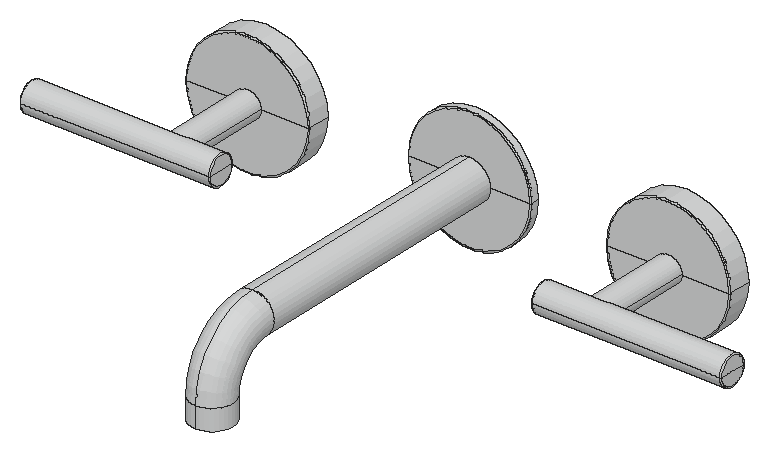
Revit family "TapSet_Wall_Nero_Mecca_BasinBath_160", category Plumbing Fixtures, Revit 2022
Family settings
  Round Connector Dimension = Use Diameter
  Part Type = Normal
  OmniClass Number = 23.31.11.19
  OmniClass Title = Faucet Mixing Valves
  Work Plane-Based = No
  Always vertical = Yes
  Cut with Voids When Loaded = Yes
  Maintain Annotation Orientation = No
  Shared = No
  Room Calculation Point = No
Parameters (values of type "Chrome (25D006CH)")
  Waste Connection = no
  WFU = 0
  Vent Connection = no
  Uniclass2015Version = "Products v1.35"
  Uniclass2015Title = "Taps and water supply outlet fittings"
  Uniclass2015Code = "Pr_40_20_87"
  URL = "https://nerotapware.com.au/"
  Type Comments = "Tap Set - Wall - Basin Bath - 160 - Chrome"
  ModifiedIssue = 20251009
  Model = "25D006CH"
  Material = Metal_Chrome_Nero
  ManufacturerURLProductSpecific = ""
  ManufacturerSpecCode = Model  # "25D006CH"
  ManufacturerOverallWidth = 340 mm  # constant formula
  ManufacturerOverallHeight = 65 mm  # constant formula
  ManufacturerOverallDepth = 170 mm  # constant formula
  Manufacturer = "Nero"
  IfcExportType = "MIXING"
  IfcExportAs = "IfcValve"
  HWFU = 0
  HW Connection = yes
  Description = "Mecca Wall Basin/Bath Set 160mm Spout Chrome"
  Default Elevation = 1050 mm
  CreatedByURL = "https://igsgroup.com.au"
  CreatedBy = "IGS BIM Solutions"  # constant formula
  CWFU = 0
  CW Connection = yes
  Assembly Code = "D2010"
Types (7, lengths in mm): name | Type Comments | Model | Material | ManufacturerSpecCode | Description
  Chrome (25D006CH) | "Tap Set - Wall - Basin Bath - 160 - Chrome" | "25D006CH" | Metal_Chrome_Nero | "25D006CH" | "Mecca Wall Basin/Bath Set 160mm Spout Chrome"
  Matte Black (25D006MB) | "Tap Set - Wall - Basin Bath - 160 - Matte Black" | "25D006MB" | Metal_MatteBlack_Nero | "25D006MB" | "Mecca Wall Basin/Bath Set 160mm Spout Matte Black"
  Brushed Nickel (25D006BN) | "Tap Set - Wall - Basin Bath - 160 - Brushed Nickel" | "25D006BN" | Metal_Nickel_Nero_Brushed | "25D006BN" | "Mecca Wall Basin/Bath Set 160mm Spout Brushed Nickel"
  Gun Metal (25D006GM) | "Tap Set - Wall - Basin Bath - 160 - Gun Metal" | "25D006GM" | Metal_GunMetal_Nero | "25D006GM" | "Mecca Wall Basin/Bath Set 160mm Spout Gun Metal"
  Brushed Gold (25D006BG) | "Tap Set - Wall - Basin Bath - 160 - Brushed Gold" | "25D006BG" | Metal_Gold_Nero_Brushed | "25D006BG" | "Mecca Wall Basin/Bath Set 160mm Spout Brushed Gold"
  Brushed Bronze (25D006BZ) | "Tap Set - Wall - Basin Bath - 160 - Brushed Bronze" | "25D006BZ" | Metal_Bronze_Nero_Brushed | "25D006BZ" | "Mecca Wall Basin/Bath Set 160mm Spout Brushed Bronze"
  Matte White (25D006MW) | "Tap Set - Wall - Basin Bath - 160 - Matte White" | "25D006MW" | Metal_MatteWhite_Nero | "25D006MW" | "Mecca Wall Basin/Bath Set 160mm Spout Matte White"
Reference planes
  plane 1 "Bottom": z = -35.114
  plane 2 "Center (Left/Right)": x = 0.115
  plane 3 "SpoutCenter (Top/Bottom)": z = 0
  plane 4 "Top": z = 29.886
  plane 5 "Right": x = 170.115
  plane 6 "Left": x = -169.885
  plane 7 "Front": y = -99.038
  plane 8 "Back": y = 70.962
Forms (mm)
  Extrusion 1, solid, material "Metal_Chrome_Nero" <- "Material"
    sketch origin (636.296, 70.962, -1185) x (1, 0, 0) y (0, 0, 1)
      loop
        circle (-534.181, 1185) r 6.35
      loop
        circle (-738.181, 1185) r 6.35
    from 0 to -1
  Extrusion 2, void
    sketch origin (636.296, 70.962, -1185) x (1, 0, 0) y (0, 0, 1)
      loop
        circle (-738.181, 1185) r 15
      loop
        circle (-534.181, 1185) r 15
    from 0 to -30
  Revolve 3, solid, material "Metal_Chrome_Nero" <- "Material"
    sketch origin (-129.77, 0, 0) x (1, 0, 0) y (0, 1, 0)
      loop
        line (99.999, 70.962) -> (99.999, 67.462)
        arc (99.999, 67.462) -> (100.145, 67.109) -> (100.499, 66.962) r 0.5
        line (100.499, 66.962) -> (129.885, 66.962) -> (129.885, 70.962) -> (99.999, 70.962)
      axis (129.885, 66.962) -> (129.885, 70.962)
    angle from 0 to 360
  Revolve 4, solid, material "Metal_Chrome_Nero" <- "Material"
    sketch origin (28, 0, 0) x (1, 0, 0) y (0, 1, 0)
      loop
        line (-99.885, 70.962) -> (-129.885, 70.962) -> (-129.885, 13.962) -> (-123.385, 13.962) -> (-123.385, 59.962) -> (-100.385, 59.962)
        arc (-100.385, 59.962) -> (-100.031, 60.109) -> (-99.885, 60.462) r 0.5
        line (-99.885, 60.462) -> (-99.885, 70.962)
      axis (-129.885, 13.962) -> (-129.885, 70.962)
    angle from 0 to 360
  Revolve 5, solid, material "Metal_Chrome_Nero" <- "Material"
    sketch origin (28, 0, 0) x (1, 0, 0) y (0, 1, 0)
      loop
        line (-105.885, 13.962) -> (-105.885, 20.462)
        arc (-105.885, 20.462) -> (-106.031, 20.816) -> (-106.385, 20.962) r 0.5
        line (-106.385, 20.962) -> (-197.385, 20.962)
        arc (-197.385, 20.962) -> (-197.739, 20.816) -> (-197.885, 20.462) r 0.5
        line (-197.885, 20.462) -> (-197.885, 13.962) -> (-105.885, 13.962)
      axis (-105.885, 13.962) -> (-197.885, 13.962)
    angle from 0 to 360
  Sweep 6, solid, material "Metal_Chrome_Nero" <- "Material"
    path origin (0.115, 74, 47.5) x (0, 1, 0) y (0, 0, 1)
      loop
        line (-3.038, -47.614) -> (-138.038, -47.614)
        arc (-138.038, -47.614) -> (-155.715, -54.936) -> (-163.038, -72.614) r 25
        line (-163.038, -72.614) -> (-163.038, -82.614)
    profile origin (0.115, 3.462, -0.114) x (0, 0, -1) y (1, 0, 0)
      loop
        circle (0, 0) r 10
  Revolve 7, solid, material "Metal_Chrome_Nero" <- "Material"
    sketch origin (-27.77, 0, 0) x (1, 0, 0) y (0, 1, 0)
      loop
        line (99.885, 70.962) -> (99.885, 60.462)
        arc (99.885, 60.462) -> (100.031, 60.109) -> (100.385, 59.962) r 0.5
        line (100.385, 59.962) -> (123.385, 59.962) -> (123.385, 13.962) -> (129.885, 13.962) -> (129.885, 70.962) -> (99.885, 70.962)
      axis (129.885, 13.962) -> (129.885, 70.962)
    angle from 0 to 360
  Revolve 8, solid, material "Metal_Chrome_Nero" <- "Material"
    sketch origin (-27.77, 0, 0) x (1, 0, 0) y (0, 1, 0)
      loop
        line (105.885, 13.962) -> (197.885, 13.962) -> (197.885, 20.462)
        arc (197.885, 20.462) -> (197.739, 20.816) -> (197.385, 20.962) r 0.5
        line (197.385, 20.962) -> (106.385, 20.962)
        arc (106.385, 20.962) -> (106.031, 20.816) -> (105.885, 20.462) r 0.5
        line (105.885, 20.462) -> (105.885, 13.962)
      axis (105.885, 13.962) -> (197.885, 13.962)
    angle from 0 to 360
Cuts and joins
  joined: Revolve 3, Sweep 6
  joined: Revolve 7, Revolve 8
  joined: Revolve 4, Revolve 5
Lines and regions (mm)
  Masking region 1
    outline origin (0, 0, 29.886) x (0, 1, 0) y (-1, 0, 0)
      loop
        line (70.962, 29.77) -> (67.462, 29.77)
        arc (67.462, 29.77) -> (67.109, 29.624) -> (66.962, 29.27) r 0.5
        line (66.962, 29.27) -> (66.962, 9.885) -> (-89.038, 9.885)
        arc (-89.038, 9.885) -> (-99.038, -0.115) -> (-89.038, -10.115) r 10
        line (-89.038, -10.115) -> (66.962, -10.115) -> (66.962, -29.5)
        arc (66.962, -29.5) -> (67.109, -29.853) -> (67.462, -30) r 0.5
        line (67.462, -30) -> (70.962, -30) -> (70.962, 29.77)
      loop
        line (70.962, 131.885) -> (60.462, 131.885)
        arc (60.462, 131.885) -> (60.109, 131.739) -> (59.962, 131.385) r 0.5
        line (59.962, 131.385) -> (59.962, 108.385) -> (20.962, 108.385) -> (20.962, 169.385)
        arc (20.962, 169.385) -> (20.816, 169.739) -> (20.462, 169.885) r 0.5
        line (20.462, 169.885) -> (7.462, 169.885)
        arc (7.462, 169.885) -> (7.109, 169.739) -> (6.962, 169.385) r 0.5
        line (6.962, 169.385) -> (6.962, 78.385)
        arc (6.962, 78.385) -> (7.109, 78.031) -> (7.462, 77.885) r 0.5
        line (7.462, 77.885) -> (20.462, 77.885)
        arc (20.462, 77.885) -> (20.816, 78.031) -> (20.962, 78.385) r 0.5
        line (20.962, 78.385) -> (20.962, 95.385) -> (59.962, 95.385) -> (59.962, 72.385)
        arc (59.962, 72.385) -> (60.109, 72.031) -> (60.462, 71.885) r 0.5
        line (60.462, 71.885) -> (70.962, 71.885) -> (70.962, 131.885)
      loop
        line (70.962, -132.115) -> (70.962, -72.115) -> (60.462, -72.115)
        arc (60.462, -72.115) -> (60.109, -72.261) -> (59.962, -72.615) r 0.5
        line (59.962, -72.615) -> (59.962, -95.615) -> (20.962, -95.615) -> (20.962, -78.615)
        arc (20.962, -78.615) -> (20.816, -78.261) -> (20.462, -78.115) r 0.5
        line (20.462, -78.115) -> (7.462, -78.115)
        arc (7.462, -78.115) -> (7.109, -78.261) -> (6.962, -78.615) r 0.5
        line (6.962, -78.615) -> (6.962, -169.615)
        arc (6.962, -169.615) -> (7.109, -169.969) -> (7.462, -170.115) r 0.5
        line (7.462, -170.115) -> (20.462, -170.115)
        arc (20.462, -170.115) -> (20.816, -169.969) -> (20.962, -169.615) r 0.5
        line (20.962, -169.615) -> (20.962, -108.615) -> (59.962, -108.615) -> (59.962, -131.615)
        arc (59.962, -131.615) -> (60.109, -131.969) -> (60.462, -132.115) r 0.5
        line (60.462, -132.115) -> (70.962, -132.115)
  symbolic lines, style "Taps/Mixers"
    curve 1: arc (10.115, -99.038, 0) -> (0.115, -99.038, 10) -> (-9.885, -99.038, 0) r 10
  symbolic lines, style "Taps/Mixers", detail levels medium+fine
    curve 2: line (-9.885, 66.962, 29.886) -> (10.115, 66.962, 29.886)
    curve 3: line (-108.385, 59.962, 29.886) -> (-95.385, 59.962, 29.886)
    curve 4: line (95.615, 20.962, 29.886) -> (108.615, 20.962, 29.886)
    curve 5: line (108.615, 59.962, 29.886) -> (95.615, 59.962, 29.886)
    curve 6: line (-95.385, 20.962, 29.886) -> (-108.385, 20.962, 29.886)
Text (mm)
  text "Disclaimer:\nDue to ongoing product development and manufacturing evolution, product details are subject to change without notice. Please refer to product technical data sheets on the manufacturers website for the most current product information. Please allow a +/- 5mm manufacturing tolerance for dimensions and set-outs shown in product literature." at (347.32, 148.915, 0), in view "Ref. Level"
Dimensions and locks
  equal spacing: plane 6 "Left", plane 2 "Center (Left/Right)", plane 5 "Right"
  "ManufacturerOverallWidth": plane 6 "Left" to plane 5 "Right"
  "ManufacturerOverallDepth": plane 7 "Front" to plane 8 "Back"
  "ManufacturerOverallHeight": plane 4 "Top" to plane 1 "Bottom"
Automatic sketch dimensions
  curve 1 to level = 0 mm
  curve 1 to plane 2 "Center (Left/Right)" = 0 mm
  curve 1 to curve 1 = 10 mm
  Extrusion 2 sketch curve to level = 0 mm  (x2)
  Extrusion 2 sketch curve to plane 6 "Left" = 68 mm
  Extrusion 2 sketch curve to plane 5 "Right" = 68 mm
  plane 8 "Back" to Revolve 3 sketch curve = 0 mm
  Revolve 3 sketch curve to plane 2 "Center (Left/Right)" = 0 mm  (x2)
  plane 8 "Back" to Revolve 3 sketch curve = 4 mm
  Revolve 3 sketch curve to plane 2 "Center (Left/Right)" = 29.386 mm
  Revolve 3 sketch curve to Revolve 3 sketch curve = 0.5 mm
  Revolve 3 sketch curve to Revolve 3 sketch curve = 14.414 mm
  Revolve 3 sketch curve to Revolve 3 sketch curve = 1.586 mm
  plane 8 "Back" to Revolve 4 sketch curve = 0 mm
  Revolve 4 sketch curve to plane 6 "Left" = 68 mm
  Revolve 4 sketch curve to Revolve 4 sketch curve = 6.5 mm
  plane 8 "Back" to Revolve 4 sketch curve = 10.5 mm
  Revolve 4 sketch curve to Revolve 4 sketch curve = 23 mm
  Revolve 4 sketch curve to Revolve 4 sketch curve = 0.5 mm
  Revolve 4 sketch curve to Revolve 4 sketch curve = 46 mm
  Revolve 4 sketch curve to Revolve 4 sketch curve = 0 mm
  Revolve 4 sketch curve to Revolve 4 sketch curve = 7.414 mm
  Revolve 4 sketch curve to Revolve 4 sketch curve = 1.586 mm
  Revolve 5 sketch curve to plane 6 "Left" = 0 mm
  Revolve 5 sketch curve to Revolve 5 sketch curve = 0.5 mm  (x2)
  Revolve 5 sketch curve to plane 2 "Center (Left/Right)" = 78.5 mm
  plane 8 "Back" to Revolve 5 sketch curve = 57 mm
  Revolve 5 sketch curve to Revolve 5 sketch curve = 6.5 mm
  Revolve 5 sketch curve to Revolve 5 sketch curve = 37.896 mm
  Revolve 5 sketch curve to Revolve 5 sketch curve = 0.115 mm
  Revolve 5 sketch curve to Revolve 5 sketch curve = 0 mm
  Sweep 6 sketch curve to plane 1 "Bottom" = 0 mm
  Sweep 6 sketch curve to plane 8 "Back" = 0 mm
  Sweep 6 sketch curve to level = 0.114 mm
  Sweep 6 sketch curve to plane 7 "Front" = 35 mm
  plane 1 "Bottom" to Sweep 6 sketch curve = 10 mm
  Sweep 6 sketch curve to profile plane = 0 mm  (x2)
  plane 8 "Back" to Revolve 7 sketch curve = 0 mm
  plane 2 "Center (Left/Right)" to Revolve 7 sketch curve = 72 mm
  Revolve 7 sketch curve to Revolve 7 sketch curve = 0.5 mm
  Revolve 7 sketch curve to Revolve 7 sketch curve = 23 mm
  Revolve 7 sketch curve to Revolve 7 sketch curve = 6.5 mm
  plane 8 "Back" to Revolve 7 sketch curve = 10.5 mm
  Revolve 7 sketch curve to Revolve 7 sketch curve = 46 mm
  Revolve 7 sketch curve to Revolve 7 sketch curve = 0 mm
  Revolve 7 sketch curve to Revolve 7 sketch curve = 7.414 mm
  Revolve 7 sketch curve to Revolve 7 sketch curve = 1.586 mm
  Revolve 8 sketch curve to plane 5 "Right" = 0 mm
  Revolve 8 sketch curve to plane 5 "Right" = 0.5 mm
  plane 2 "Center (Left/Right)" to Revolve 8 sketch curve = 78.5 mm
  Revolve 8 sketch curve to Revolve 8 sketch curve = 0.5 mm
  plane 8 "Back" to Revolve 8 sketch curve = 57 mm
  Revolve 8 sketch curve to Revolve 8 sketch curve = 6.5 mm
  Revolve 8 sketch curve to Revolve 8 sketch curve = 37.896 mm
  Revolve 8 sketch curve to Revolve 8 sketch curve = 0.115 mm
  Revolve 8 sketch curve to Revolve 8 sketch curve = 0 mm
  Masking region 1 sketch curve to plane 2 "Center (Left/Right)" = 0 mm
  Masking region 1 sketch curve to plane 5 "Right" = 0 mm
  Masking region 1 sketch curve to plane 6 "Left" = 0 mm
  plane 8 "Back" to Masking region 1 sketch curve = 0 mm  (x3)
  plane 8 "Back" to Masking region 1 sketch curve = 3.5 mm  (x2)
  plane 8 "Back" to Masking region 1 sketch curve = 4 mm  (x2)
  plane 8 "Back" to Masking region 1 sketch curve = 10.5 mm  (x4)
  plane 8 "Back" to Masking region 1 sketch curve = 11 mm  (x3)
  Masking region 1 sketch curve to Masking region 1 sketch curve = 0.5 mm  (x5)
  Masking region 1 sketch curve to Masking region 1 sketch curve = 39 mm  (x2)
  Masking region 1 sketch curve to Masking region 1 sketch curve = 0 mm  (x2)
  Masking region 1 sketch curve to plane 5 "Right" = 0.5 mm  (x2)
  Masking region 1 sketch curve to plane 6 "Left" = 0.5 mm
  Masking region 1 sketch curve to Masking region 1 sketch curve = 13 mm  (x5)
  Masking region 1 sketch curve to plane 7 "Front" = 10 mm
  Masking region 1 sketch curve to plane 5 "Right" = 38 mm
  Masking region 1 sketch curve to Masking region 1 sketch curve = 23 mm  (x4)
  Masking region 1 sketch curve to Masking region 1 sketch curve = 17 mm
  plane 2 "Center (Left/Right)" to Masking region 1 sketch curve = 29.885 mm
  plane 2 "Center (Left/Right)" to Masking region 1 sketch curve = 10 mm
  Masking region 1 sketch curve to Masking region 1 sketch curve = 19.385 mm
  Masking region 1 sketch curve to Masking region 1 sketch curve = 42.115 mm
  Masking region 1 sketch curve to Masking region 1 sketch curve = 5.5 mm
  plane 8 "Back" to curve 4 = 50 mm
  plane 8 "Back" to curve 5 = 11 mm
  curve 5 to plane 5 "Right" = 61.5 mm
  plane 8 "Back" to curve 6 = 50 mm
  plane 8 "Back" to curve 3 = 11 mm
  plane 8 "Back" to curve 2 = 4 mm
  curve 4 to curve 5 = 0 mm
  curve 5 to curve 5 = 13 mm
  curve 4 to curve 4 = 13 mm
  plane 2 "Center (Left/Right)" to curve 2 = 10 mm
  curve 2 to plane 2 "Center (Left/Right)" = 10 mm
  curve 6 to plane 6 "Left" = 74.5 mm
  curve 3 to curve 6 = 0 mm
  curve 6 to curve 6 = 13 mm
  curve 3 to curve 3 = 13 mm
  Extrusion 1 sketch curve to level = 0 mm  (x2)
  Extrusion 1 sketch curve to plane 6 "Left" = 68 mm
  Extrusion 1 sketch curve to plane 5 "Right" = 68 mm
  radius of Extrusion 2 sketch curve = 15 mm  (x2)
  radius of Sweep 6 sketch curve = 10 mm
  radius of Extrusion 1 sketch curve = 6.35 mm  (x2)
Connectors
  piping at (102.115, 71.962, 0), diameter 12.7, driven by "CW Connection"
    settings: on Extrusion 1, index 12, connector inside diameter 609.6 mm, connector length 0 mm, flow factor 0, pipe flow 0.0 L/s, pressure drop 0.0 Pa, fitting loss kfactor 0, connector angle 0.00°, fixture units 0, engagement length 0 mm, angle of deflection 0.00°, flow configuration 2, flow direction 1, fitting loss method 0, system type 20, joint type 0, gender type 0, connector reference index -1, connector utility 1, adjustable connector no, is connector primary yes, connector description "Cold Water Supply"
  piping at (-101.885, 71.962, 0), diameter 12.7, driven by "HW Connection"
    settings: on Extrusion 1, index 14, connector inside diameter 609.6 mm, connector length 0 mm, flow factor 0, pipe flow 0.0 L/s, pressure drop 0.0 Pa, fitting loss kfactor 0, connector angle 0.00°, fixture units 0, engagement length 0 mm, angle of deflection 0.00°, flow configuration 2, flow direction 1, fitting loss method 0, system type 19, joint type 0, gender type 0, connector reference index -1, connector utility 1, adjustable connector no, is connector primary no, connector description "Hot Water Supply"
